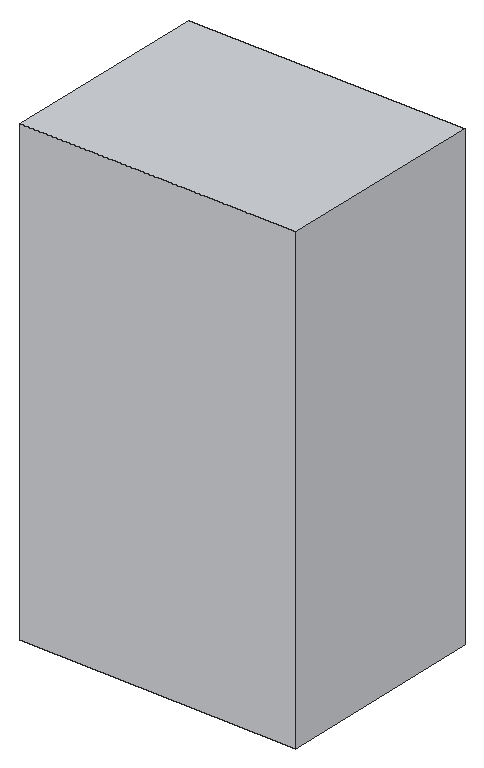
Revit family
Parameters
  Warranty Duration (Years) = 0
  URL = "http://www.americanspecialties.com/viewCategories.cfm"
  Hook [instance] = Metal - Stainless Steel w/satin
  Test Data = ""
  Specification = "http://www.arcat.com/sdspecs/htm/10810asi.htm"
  SpecWizard = ""
  Send Message = "http://www.arcat.com/users.pl?action=UserEmail&company=American%20Specialties,%20Inc.&coid=30448&rep=139&fax=914-476-0688&mf="
  Sales Information = "http://www.americanspecialties.com/contact"
  Revision = "R1_10-2010"
  Product Properties = "http://www.americanspecialties.com/datasheets/13061.pdf"
  Product Data = "http://www.arcat.com/arcatcos/cos30/arc30448.html"
  Model = "As Specified in 10 28 13"
  Manufacturer Website = "http://www.americanspecialties.com/viewCategories.cfm"
  Manufacturer Phone - Toll Free = ""
  Manufacturer Phone = "914-476-9000 "
  Manufacturer Fax = "914-476-0688"
  Manufacturer Address = "441 Saw Mill River Rd., Yonkers, NY 10701"
  Manufacturer = "American Specialties, Inc."
  Maintenance Schedule (Months) = 0
  Keynote = "10 28 13"
  Installation-Fabrication = "http://www.americanspecialties.com/products.cfm"
  Green Building-LEED = ""
  Expected Lifespan (Years) = 0
  Drawn By = "Robert S. Weygant. CSI, CDT, SCIP"  # constant formula
  Description = "Toilet Accessory as Specified in 10 28 13"
  Default Elevation = 4' - 0"
  Copyright = "©Arcat Inc."
  Construction Details = "http://www.arcat.com/green/clients/leed_data_30448.html"
  Building Codes = "http://www.americanspecialties.com/products.cfm"
  Assembly Code = "C1030210"
Reference planes (in)
  plane 1 "Center (Front/Back)": y = -0.29112
  plane 2 "Floor Line": z = 0
  plane 3 "Center (Left/Right)": x = -0.65843
  plane 4: x = -0.22093
  plane 5: x = -1.09593
  plane 6: y = -5.16612
  plane 7: y = 4.58388
  plane 8: z = 1
  plane 9: z = 2.1875
Forms (in)
  Extrusion 1, solid
    sketch origin (-3, -9, -6) x (0, 0, -1) y (1, 0, 0)
      loop
        line (-82, 26) -> (-82, -19.34712) -> (-6, -19.34712) -> (-6, 26) -> (-82, 26)
    from 9 to -25.60721
  Extrusion 2, solid, material "Metal - Stainless Steel w/satin" <- "Hook"
    sketch origin (-0.65843, -0.58223, 0) x (0, -1, 0) y (0, 0, 1)
      loop
        line (-5.16612, 1) -> (-5.16612, 0.75) -> (-3.27574, 0.75)
        arc (-3.27574, 0.75) -> (-3.25505, 0.74648) -> (-3.23669, 0.7363) r 0.0625
        line (-3.23669, 0.7363) -> (-2.33343, 0.0137)
        arc (-2.33343, 0.0137) -> (-2.31508, 0.00352) -> (-2.29439, 0) r 0.0625
        line (-2.29439, 0) -> (2.94169, 0)
        arc (2.94169, 0) -> (4.1029, 0.48099) -> (4.58388, 1.64219) r 1.64219
        line (4.58388, 1.64219) -> (4.58388, 1.75) -> (3.77138, 2.4) -> (3.77138, 2.07984) -> (4.33383, 1.62989)
        arc (4.33383, 1.62989) -> (3.92176, 0.65342) -> (2.94169, 0.25) r 1.39219
        line (2.94169, 0.25) -> (-2.20669, 0.25)
        arc (-2.20669, 0.25) -> (-2.22738, 0.25352) -> (-2.24574, 0.2637) r 0.0625
        line (-2.24574, 0.2637) -> (-3.149, 0.9863)
        arc (-3.149, 0.9863) -> (-3.16735, 0.99648) -> (-3.18804, 1) r 0.0625
        line (-3.18804, 1) -> (-5.16612, 1)
    from -0.4375 to 0.4375
  Extrusion 3, void
    sketch origin (0, 0, 0) x (1, 0, 0) y (0, 1, 0)
      loop
        arc (-1.09593, 4.33383) -> (-0.65843, 4.58388) -> (-0.22093, 4.33383) r 0.50776
        line (-0.22093, 4.33383) -> (-0.22093, 4.69192) -> (-1.09593, 4.69192) -> (-1.09593, 4.33383)
    from 0.75 to 1
  Extrusion 4, void
    sketch origin (0, 0.46374, 2.98344) x (1, 0, 0) y (0, 0.819152, 0.573576)
      loop
        arc (-1.09593, -4.61431) -> (-0.65843, -4.28213) -> (-0.22093, -4.61431) r 0.45419
        line (-0.22093, -4.61431) -> (-0.22093, -4.25912) -> (-1.09593, -4.25912) -> (-1.09593, -4.61431)
    from 1.72306 to 2.49087
  Extrusion 5, void
    sketch origin (0, 0, 0) x (1, 0, 0) y (0, 1, 0)
      loop
        circle (-0.65843, 0.83388) r 0.10938
      loop
        circle (-0.65843, -2.16612) r 0.10938
    from 0 to 0.25
Cuts and joins
  Extrusion 3, Extrusion 4, Extrusion 5 cuts Extrusion 2
Dimensions and locks (in)
  aligned and locked: Extrusion 2 to plane 4
  aligned and locked: plane 5 to Extrusion 2
  aligned and locked: cut or joined group of Extrusion 2, Extrusion 3, Extrusion 4, Extrusion 5 to Extrusion 4 sketch curve  (x2)
  aligned and locked: plane 8 to Extrusion 3
  aligned and locked: Extrusion 3 to Extrusion 2
  aligned and locked: Extrusion 2 to Extrusion 5
  aligned and locked: Extrusion 5 to level
